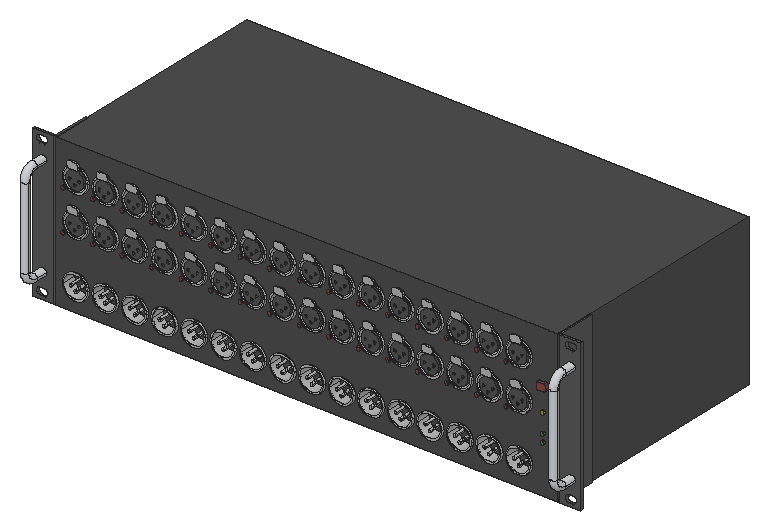
Revit family "DL32", category Communication Devices, Revit 2020
Family settings
  Maintain Annotation Orientation = No
  Round Connector Dimension = Use Diameter
  Part Type = Normal
  Work Plane-Based = Yes
  Always vertical = No
  Cut with Voids When Loaded = Yes
  Shared = No
  Room Calculation Point = No
Parameters
  Model = "DL32"
  Manufacturer = "Midas"
  Default Elevation = 0 mm
Reference planes
  plane 1 "Center (Front/Back)": y = 0
  plane 2: z = 0
  plane 3 "Center (Left/Right)": x = 0
  plane 4 "Handle": x = -232.995
  plane 5 "Front Connectors": y = -2
  plane 6 "Rear Connectors": y = 208
Forms (mm)
  Extrusion 1, solid, material "Aluminium, Black"
    sketch origin (0, 0, 0) x (1, 0, 0) y (0, 1, 0)
      loop
        arc (-223.2, -2) -> (-221.644, -1.356) -> (-221, 0.2) r 2.2
        line (-221, 0.2) -> (-221, 33) -> (-223, 33) -> (-223, 0) -> (-241.25, 0) -> (-241.25, -2) -> (-223.2, -2)
    from 0 to 132.5
  Extrusion 2, void
    sketch origin (0, 0, 0) x (1, 0, 0) y (0, 0, 1)
      loop
        arc (-231.5, 2.415) -> (-227.99, 5.925) -> (-231.5, 9.435) r 3.51
        line (-231.5, 9.435) -> (-234.49, 9.435)
        arc (-234.49, 9.435) -> (-238, 5.925) -> (-234.49, 2.415) r 3.51
        line (-234.49, 2.415) -> (-231.5, 2.415)
    from 0 to 2
  Extrusion 3, void
    sketch origin (0, 0, 120.65) x (1, 0, 0) y (0, 0, 1)
      loop
        arc (-231.5, 2.415) -> (-227.99, 5.925) -> (-231.5, 9.435) r 3.51
        line (-231.5, 9.435) -> (-234.49, 9.435)
        arc (-234.49, 9.435) -> (-238, 5.925) -> (-234.49, 2.415) r 3.51
        line (-234.49, 2.415) -> (-231.5, 2.415)
    from 0 to 2
  Sweep 4, solid
    path origin (-232.995, 0, 0) x (0, -1, 0) y (0, 0, 1)
      loop
        line (2, 21.8) -> (12.41, 21.8)
        arc (12.41, 21.8) -> (18.774, 24.436) -> (21.41, 30.8) r 9
        line (21.41, 30.8) -> (21.41, 101.7)
        arc (21.41, 101.7) -> (18.774, 108.064) -> (12.41, 110.7) r 9
        line (12.41, 110.7) -> (2, 110.7)
    profile origin (-232.995, -7.205, 21.8) x (0, 0, 1) y (-1, 0, 0)
      loop
        circle (0, 0) r 3.25
  Extrusion 5, solid, material "Aluminium, Black"
    sketch origin (0, 0, 0) x (-1, 0, 0) y (0, -1, 0)
      loop
        line (-223.2, 2) -> (-241.25, 2) -> (-241.25, 0) -> (-223, 0) -> (-223, -33) -> (-221, -33) -> (-221, -0.2)
        arc (-221, -0.2) -> (-221.644, 1.356) -> (-223.2, 2) r 2.2
    from 0 to 132.5
  Extrusion 6, void
    sketch origin (0, 0, 0) x (-1, 0, 0) y (0, 0, -1)
      loop
        line (-231.5, -2.415) -> (-234.49, -2.415)
        arc (-234.49, -2.415) -> (-238, -5.925) -> (-234.49, -9.435) r 3.51
        line (-234.49, -9.435) -> (-231.5, -9.435)
        arc (-231.5, -9.435) -> (-227.99, -5.925) -> (-231.5, -2.415) r 3.51
    from 0 to 2
  Extrusion 7, void
    sketch origin (0, 0, 120.65) x (-1, 0, 0) y (0, 0, -1)
      loop
        line (-231.5, -2.415) -> (-234.49, -2.415)
        arc (-234.49, -2.415) -> (-238, -5.925) -> (-234.49, -9.435) r 3.51
        line (-234.49, -9.435) -> (-231.5, -9.435)
        arc (-231.5, -9.435) -> (-227.99, -5.925) -> (-231.5, -2.415) r 3.51
    from 0 to 2
  Sweep 8, solid
    path origin (232.995, 0, 0) x (0, -1, 0) y (0, 0, -1)
      loop
        line (2, -21.8) -> (12.41, -21.8)
        arc (12.41, -21.8) -> (18.774, -24.436) -> (21.41, -30.8) r 9
        line (21.41, -30.8) -> (21.41, -101.7)
        arc (21.41, -101.7) -> (18.774, -108.064) -> (12.41, -110.7) r 9
        line (12.41, -110.7) -> (2, -110.7)
    profile origin (232.995, -7.205, 21.8) x (0, 0, -1) y (1, 0, 0)
      loop
        circle (0, 0) r 3.25
  Extrusion 9, solid, material "Steel, Paint Finish, Black"
    sketch origin (-0.572, 0, 0) x (1, 0, 0) y (0, 0, 1)
      loop
        line (-220.428, 132.5) -> (-220.428, 0) -> (221.572, 0) -> (221.572, 132.5) -> (-220.428, 132.5)
    from 2 to -208
  Extrusion 10, solid, material "LED, Red, Off"
    sketch origin (0, -2, 0) x (-1, 0, 0) y (0, 0, 1)
      loop
        line (-205.725, 90.473) -> (-210.832, 90.473)
        arc (-210.832, 90.473) -> (-211.822, 90.063) -> (-212.232, 89.073) r 1.4
        line (-212.232, 89.073) -> (-212.232, 85.529)
        arc (-212.232, 85.529) -> (-211.827, 84.552) -> (-210.85, 84.147) r 1.382
        line (-210.85, 84.147) -> (-205.725, 84.147)
        arc (-205.725, 84.147) -> (-204.735, 84.557) -> (-204.325, 85.547) r 1.4
        line (-204.325, 85.547) -> (-204.325, 89.073)
        arc (-204.325, 89.073) -> (-204.735, 90.063) -> (-205.725, 90.473) r 1.4
    from 0 to -2.5
  Extrusion 11, solid, material "LED, Yellow, Off"
    sketch origin (0, -2, 0) x (-1, 0, 0) y (0, 0, 1)
      loop
        circle (-208.28, 66.04) r 1.5
    from 0 to -1
  Extrusion 12, solid, material "LED, Greeen, Off"
    sketch origin (0, -2, -16.827) x (-1, 0, 0) y (0, 0, 1)
      loop
        circle (-208.28, 66.04) r 1.5
    from 0 to -1
  Extrusion 13, solid, material "LED, Greeen, Off"
    sketch origin (0, -2, -23.812) x (-1, 0, 0) y (0, 0, 1)
      loop
        circle (-208.28, 66.04) r 1.5
    from 0 to -1
  Extrusion 14, void
    sketch origin (0, -2, 0) x (-1, 0, 0) y (0, 0, 1)
      loop
        circle (203.2, 105.431) r 11.2
    from 0 to 16
  Extrusion 15, void
    sketch origin (26.035, -2, 0) x (-1, 0, 0) y (0, 0, 1)
      loop
        circle (203.2, 105.431) r 11.2
    from 0 to 16
  Extrusion 16, void
    sketch origin (52.07, -2, 0) x (-1, 0, 0) y (0, 0, 1)
      loop
        circle (203.2, 105.431) r 11.2
    from 0 to 16
  Extrusion 17, void
    sketch origin (78.105, -2, 0) x (-1, 0, 0) y (0, 0, 1)
      loop
        circle (203.2, 105.431) r 11.2
    from 0 to 16
  Extrusion 18, void
    sketch origin (104.14, -2, 0) x (-1, 0, 0) y (0, 0, 1)
      loop
        circle (203.2, 105.431) r 11.2
    from 0 to 16
  Extrusion 19, void
    sketch origin (130.175, -2, 0) x (-1, 0, 0) y (0, 0, 1)
      loop
        circle (203.2, 105.431) r 11.2
    from 0 to 16
  Extrusion 20, void
    sketch origin (156.21, -2, 0) x (-1, 0, 0) y (0, 0, 1)
      loop
        circle (203.2, 105.431) r 11.2
    from 0 to 16
  Extrusion 21, void
    sketch origin (182.245, -2, 0) x (-1, 0, 0) y (0, 0, 1)
      loop
        circle (203.2, 105.431) r 11.2
    from 0 to 16
  Extrusion 22, void
    sketch origin (208.28, -2, 0) x (-1, 0, 0) y (0, 0, 1)
      loop
        circle (203.2, 105.431) r 11.2
    from 0 to 16
  Extrusion 23, void
    sketch origin (234.315, -2, 0) x (-1, 0, 0) y (0, 0, 1)
      loop
        circle (203.2, 105.431) r 11.2
    from 0 to 16
  Extrusion 24, void
    sketch origin (260.35, -2, 0) x (-1, 0, 0) y (0, 0, 1)
      loop
        circle (203.2, 105.431) r 11.2
    from 0 to 16
  Extrusion 25, void
    sketch origin (286.385, -2, 0) x (-1, 0, 0) y (0, 0, 1)
      loop
        circle (203.2, 105.431) r 11.2
    from 0 to 16
  Extrusion 26, void
    sketch origin (312.42, -2, 0) x (-1, 0, 0) y (0, 0, 1)
      loop
        circle (203.2, 105.431) r 11.2
    from 0 to 16
  Extrusion 27, void
    sketch origin (338.455, -2, 0) x (-1, 0, 0) y (0, 0, 1)
      loop
        circle (203.2, 105.431) r 11.2
    from 0 to 16
  Extrusion 28, void
    sketch origin (364.49, -2, 0) x (-1, 0, 0) y (0, 0, 1)
      loop
        circle (203.2, 105.431) r 11.2
    from 0 to 16
  Extrusion 29, void
    sketch origin (390.525, -2, 0) x (-1, 0, 0) y (0, 0, 1)
      loop
        circle (203.2, 105.431) r 11.2
    from 0 to 16
  Extrusion 30, void
    sketch origin (0, -2, -35.56) x (-1, 0, 0) y (0, 0, 1)
      loop
        circle (203.2, 105.431) r 11.2
    from 0 to 16
  Extrusion 31, void
    sketch origin (0, -2, -84.455) x (-1, 0, 0) y (0, 0, 1)
      loop
        circle (203.2, 105.431) r 11.2
    from 0 to 16
  Extrusion 32, void
    sketch origin (26.035, -2, -35.56) x (-1, 0, 0) y (0, 0, 1)
      loop
        circle (203.2, 105.431) r 11.2
    from 0 to 16
  Extrusion 33, void
    sketch origin (52.07, -2, -35.56) x (-1, 0, 0) y (0, 0, 1)
      loop
        circle (203.2, 105.431) r 11.2
    from 0 to 16
  Extrusion 34, void
    sketch origin (78.105, -2, -35.56) x (-1, 0, 0) y (0, 0, 1)
      loop
        circle (203.2, 105.431) r 11.2
    from 0 to 16
  Extrusion 35, void
    sketch origin (104.14, -2, -35.56) x (-1, 0, 0) y (0, 0, 1)
      loop
        circle (203.2, 105.431) r 11.2
    from 0 to 16
  Extrusion 36, void
    sketch origin (130.175, -2, -35.56) x (-1, 0, 0) y (0, 0, 1)
      loop
        circle (203.2, 105.431) r 11.2
    from 0 to 16
  Extrusion 37, void
    sketch origin (156.21, -2, -35.56) x (-1, 0, 0) y (0, 0, 1)
      loop
        circle (203.2, 105.431) r 11.2
    from 0 to 16
  Extrusion 38, void
    sketch origin (182.245, -2, -35.56) x (-1, 0, 0) y (0, 0, 1)
      loop
        circle (203.2, 105.431) r 11.2
    from 0 to 16
  Extrusion 39, void
    sketch origin (208.28, -2, -35.56) x (-1, 0, 0) y (0, 0, 1)
      loop
        circle (203.2, 105.431) r 11.2
    from 0 to 16
  Extrusion 40, void
    sketch origin (234.315, -2, -35.56) x (-1, 0, 0) y (0, 0, 1)
      loop
        circle (203.2, 105.431) r 11.2
    from 0 to 16
  Extrusion 41, void
    sketch origin (260.35, -2, -35.56) x (-1, 0, 0) y (0, 0, 1)
      loop
        circle (203.2, 105.431) r 11.2
    from 0 to 16
  Extrusion 42, void
    sketch origin (286.385, -2, -35.56) x (-1, 0, 0) y (0, 0, 1)
      loop
        circle (203.2, 105.431) r 11.2
    from 0 to 16
  Extrusion 43, void
    sketch origin (312.42, -2, -35.56) x (-1, 0, 0) y (0, 0, 1)
      loop
        circle (203.2, 105.431) r 11.2
    from 0 to 16
  Extrusion 44, void
    sketch origin (338.455, -2, -35.56) x (-1, 0, 0) y (0, 0, 1)
      loop
        circle (203.2, 105.431) r 11.2
    from 0 to 16
  Extrusion 45, void
    sketch origin (364.49, -2, -35.56) x (-1, 0, 0) y (0, 0, 1)
      loop
        circle (203.2, 105.431) r 11.2
    from 0 to 16
  Extrusion 46, void
    sketch origin (390.525, -2, -35.56) x (-1, 0, 0) y (0, 0, 1)
      loop
        circle (203.2, 105.431) r 11.2
    from 0 to 16
  Extrusion 47, void
    sketch origin (26.035, -2, -84.455) x (-1, 0, 0) y (0, 0, 1)
      loop
        circle (203.2, 105.431) r 11.2
    from 0 to 16
  Extrusion 48, void
    sketch origin (52.07, -2, -84.455) x (-1, 0, 0) y (0, 0, 1)
      loop
        circle (203.2, 105.431) r 11.2
    from 0 to 16
  Extrusion 49, void
    sketch origin (78.105, -2, -84.455) x (-1, 0, 0) y (0, 0, 1)
      loop
        circle (203.2, 105.431) r 11.2
    from 0 to 16
  Extrusion 50, void
    sketch origin (104.14, -2, -84.455) x (-1, 0, 0) y (0, 0, 1)
      loop
        circle (203.2, 105.431) r 11.2
    from 0 to 16
  Extrusion 51, void
    sketch origin (130.175, -2, -84.455) x (-1, 0, 0) y (0, 0, 1)
      loop
        circle (203.2, 105.431) r 11.2
    from 0 to 16
  Extrusion 52, void
    sketch origin (156.21, -2, -84.455) x (-1, 0, 0) y (0, 0, 1)
      loop
        circle (203.2, 105.431) r 11.2
    from 0 to 16
  Extrusion 53, void
    sketch origin (182.245, -2, -84.455) x (-1, 0, 0) y (0, 0, 1)
      loop
        circle (203.2, 105.431) r 11.2
    from 0 to 16
  Extrusion 54, void
    sketch origin (208.28, -2, -84.455) x (-1, 0, 0) y (0, 0, 1)
      loop
        circle (203.2, 105.431) r 11.2
    from 0 to 16
  Extrusion 55, void
    sketch origin (234.315, -2, -84.455) x (-1, 0, 0) y (0, 0, 1)
      loop
        circle (203.2, 105.431) r 11.2
    from 0 to 16
  Extrusion 56, void
    sketch origin (260.35, -2, -84.455) x (-1, 0, 0) y (0, 0, 1)
      loop
        circle (203.2, 105.431) r 11.2
    from 0 to 16
  Extrusion 57, void
    sketch origin (286.385, -2, -84.455) x (-1, 0, 0) y (0, 0, 1)
      loop
        circle (203.2, 105.431) r 11.2
    from 0 to 16
  Extrusion 58, void
    sketch origin (312.42, -2, -84.455) x (-1, 0, 0) y (0, 0, 1)
      loop
        circle (203.2, 105.431) r 11.2
    from 0 to 16
  Extrusion 59, void
    sketch origin (338.455, -2, -84.455) x (-1, 0, 0) y (0, 0, 1)
      loop
        circle (203.2, 105.431) r 11.2
    from 0 to 16
  Extrusion 60, void
    sketch origin (364.49, -2, -84.455) x (-1, 0, 0) y (0, 0, 1)
      loop
        circle (203.2, 105.431) r 11.2
    from 0 to 16
  Extrusion 61, void
    sketch origin (390.525, -2, -84.455) x (-1, 0, 0) y (0, 0, 1)
      loop
        circle (203.2, 105.431) r 11.2
    from 0 to 16
  Extrusion 62, void
    sketch origin (0, 208, 0) x (1, 0, 0) y (0, 0, 1)
      loop
        line (200.78, 50.05) -> (177.78, 50.05)
        arc (177.78, 50.05) -> (176.012, 49.318) -> (175.28, 47.55) r 2.5
        line (175.28, 47.55) -> (175.28, 13.55)
        arc (175.28, 13.55) -> (176.012, 11.782) -> (177.78, 11.05) r 2.5
        line (177.78, 11.05) -> (200.807, 11.05)
        arc (200.807, 11.05) -> (202.556, 11.774) -> (203.28, 13.523) r 2.473
        line (203.28, 13.523) -> (203.28, 47.55)
        arc (203.28, 47.55) -> (202.548, 49.318) -> (200.78, 50.05) r 2.5
    from 0 to 20
  Extrusion 63, void
    sketch origin (0, 208, 0) x (1, 0, 0) y (0, 0, 1)
      loop
        circle (38.1, 25.4) r 11.2
    from 0 to 16
  Extrusion 64, void
    sketch origin (-32.385, 208, 0) x (1, 0, 0) y (0, 0, 1)
      loop
        circle (38.1, 25.4) r 11.2
    from 0 to 16
  Extrusion 65, void
    sketch origin (-66.04, 208, 0) x (1, 0, 0) y (0, 0, 1)
      loop
        circle (38.1, 25.4) r 11.2
    from 0 to 16
  Extrusion 66, void
    sketch origin (-140.335, 208, 0) x (1, 0, 0) y (0, 0, 1)
      loop
        circle (38.1, 25.4) r 11.2
    from 0 to 16
  Extrusion 67, void
    sketch origin (-168.275, 208, 0) x (1, 0, 0) y (0, 0, 1)
      loop
        circle (38.1, 25.4) r 11.2
    from 0 to 16
Cuts and joins
  Extrusion 2, Extrusion 3, Extrusion 6, Extrusion 7 cuts Extrusion 1
  Extrusion 6, Extrusion 7 cuts Extrusion 5
  Extrusion 14, Extrusion 15, Extrusion 16, Extrusion 17, Extrusion 18, Extrusion 19, Extrusion 20, Extrusion 21, Extrusion 22, Extrusion 23, Extrusion 24, Extrusion 25, Extrusion 26, Extrusion 27, Extrusion 28, Extrusion 29, Extrusion 30, Extrusion 31, Extrusion 32, Extrusion 33, Extrusion 34, Extrusion 35, Extrusion 36, Extrusion 37, Extrusion 38, Extrusion 39, Extrusion 40, Extrusion 41, Extrusion 42, Extrusion 43, Extrusion 44, Extrusion 45, Extrusion 46, Extrusion 47, Extrusion 48, Extrusion 49, Extrusion 50, Extrusion 51, Extrusion 52, Extrusion 53, Extrusion 54, Extrusion 55, Extrusion 56, Extrusion 57, Extrusion 58, Extrusion 59, Extrusion 60, Extrusion 61, Extrusion 62, Extrusion 63, Extrusion 64, Extrusion 65, Extrusion 66, Extrusion 67 cuts Extrusion 9
Lines and regions (mm)
  Split face 1
    outline origin (-221.572, 208, 132.5) x (1, 0, 0) y (0, 0, -1)
      loop
        line (170.592, 117.852) -> (160.792, 117.852) -> (160.792, 109.252) -> (170.592, 109.252) -> (170.592, 117.852)
  Split face 2
    outline origin (-221.572, 208, 132.5) x (1, 0, 0) y (0, 0, -1)
      loop
        line (152.812, 117.852) -> (143.012, 117.852) -> (143.012, 109.252) -> (152.812, 109.252) -> (152.812, 117.852)
  Split face 3
    outline origin (-221.572, 208, 132.5) x (1, 0, 0) y (0, 0, -1)
      loop
        line (162.213, 115.69) -> (162.213, 110.425) -> (169.172, 110.425) -> (169.172, 115.69) -> (167.872, 116.99) -> (163.514, 116.99) -> (162.213, 115.69)
  Split face 4
    outline origin (-221.572, 208, 132.5) x (1, 0, 0) y (0, 0, -1)
      loop
        line (144.433, 115.69) -> (144.433, 110.425) -> (151.392, 110.425) -> (151.392, 115.69) -> (150.092, 116.99) -> (145.734, 116.99) -> (144.433, 115.69)
  Split face 5
    outline origin (-221.572, 208, 132.5) x (1, 0, 0) y (0, 0, -1)
      loop
        circle (59.647, 109.2) r 8.75
  Split face 6
    outline origin (-221.572, 208, 132.5) x (1, 0, 0) y (0, 0, -1)
      loop
        circle (34.247, 109.2) r 8.75
  Split face 7
    outline origin (-221.572, 208, 132.5) x (1, 0, 0) y (0, 0, -1)
      loop
        arc (60.997, 103.508) -> (59.647, 115.05) -> (58.297, 103.508) r 5.85
        line (58.297, 103.508) -> (58.297, 105.2) -> (60.997, 105.2) -> (60.997, 103.508)
  Split face 8
    outline origin (-221.572, 208, 132.5) x (1, 0, 0) y (0, 0, -1)
      loop
        arc (35.597, 103.508) -> (34.247, 115.05) -> (32.897, 103.508) r 5.85
        line (32.897, 103.508) -> (32.897, 105.2) -> (35.597, 105.2) -> (35.597, 103.508)
  Split face 9
    outline origin (-221.572, 208, 132.5) x (1, 0, 0) y (0, 0, -1)
      loop
        circle (95.842, 48.68) r 29.018
  model lines
    curve 1: line (205.759, -2, 91.44) -> (210.796, -2, 91.44)
    curve 2: line (203.359, -2, 85.585) -> (203.359, -2, 89.04)
    curve 3: line (210.801, -2, 83.185) -> (205.759, -2, 83.185)
    curve 4: line (213.201, -2, 89.035) -> (213.201, -2, 85.585)
    curve 5: arc (210.796, -2, 91.44) -> (212.497, -2, 90.736) -> (213.201, -2, 89.035) r 2.405
    curve 6: arc (213.201, -2, 85.585) -> (212.498, -2, 83.888) -> (210.801, -2, 83.185) r 2.4
    curve 7: arc (205.759, -2, 83.185) -> (204.062, -2, 83.888) -> (203.359, -2, 85.585) r 2.4
    curve 8: arc (203.359, -2, 89.04) -> (204.062, -2, 90.737) -> (205.759, -2, 91.44) r 2.4
Dimensions and locks
  equal spacing: group 32, group 33, group 34, group 35, group 36, group 37, group 38, group 39, group 40, group 41, group 42, group 43, group 44, group 45, group 46, group 47  (x3)
  equal spacing: group 48, group 49, group 50, group 51, group 52, group 53, group 54, group 55, group 56, group 57, group 58, group 59, group 60, group 61, group 62, group 63  (x3)
  equal spacing: group 64, group 66, group 67, group 68, group 69, group 70, group 71, group 72, group 73, group 74, group 75, group 76, group 77, group 78, group 79, group 80  (x3)
  equal spacing: group 65, group 81, group 82, group 83, group 84, group 85, group 86, group 87, group 88, group 89, group 90, group 91, group 92, group 93, group 94, group 95  (x3)
  aligned and locked: level to plane 2
Nested families
  nested 1: "XLR-F with LED" at (-203.2, -2, 105.41) x (1, 0, 0) z (0, -1, 0), type "XLR-F with LED"
  nested 2: "XLR-F with LED" at (-177.165, -2, 105.41) x (1, 0, 0) z (0, -1, 0), type "XLR-F with LED"
  nested 3: "XLR-F with LED" at (-151.13, -2, 105.41) x (1, 0, 0) z (0, -1, 0), type "XLR-F with LED"
  nested 4: "XLR-F with LED" at (-125.095, -2, 105.41) x (1, 0, 0) z (0, -1, 0), type "XLR-F with LED"
  nested 5: "XLR-F with LED" at (-99.06, -2, 105.41) x (1, 0, 0) z (0, -1, 0), type "XLR-F with LED"
  nested 6: "XLR-F with LED" at (-73.025, -2, 105.41) x (1, 0, 0) z (0, -1, 0), type "XLR-F with LED"
  nested 7: "XLR-F with LED" at (-46.99, -2, 105.41) x (1, 0, 0) z (0, -1, 0), type "XLR-F with LED"
  nested 8: "XLR-F with LED" at (-20.955, -2, 105.41) x (1, 0, 0) z (0, -1, 0), type "XLR-F with LED"
  nested 9: "XLR-F with LED" at (5.08, -2, 105.41) x (1, 0, 0) z (0, -1, 0), type "XLR-F with LED"
  nested 10: "XLR-F with LED" at (31.115, -2, 105.41) x (1, 0, 0) z (0, -1, 0), type "XLR-F with LED"
  nested 11: "XLR-F with LED" at (57.15, -2, 105.41) x (1, 0, 0) z (0, -1, 0), type "XLR-F with LED"
  nested 12: "XLR-F with LED" at (83.185, -2, 105.41) x (1, 0, 0) z (0, -1, 0), type "XLR-F with LED"
  nested 13: "XLR-F with LED" at (109.22, -2, 105.41) x (1, 0, 0) z (0, -1, 0), type "XLR-F with LED"
  nested 14: "XLR-F with LED" at (135.255, -2, 105.41) x (1, 0, 0) z (0, -1, 0), type "XLR-F with LED"
  nested 15: "XLR-F with LED" at (161.29, -2, 105.41) x (1, 0, 0) z (0, -1, 0), type "XLR-F with LED"
  nested 16: "XLR-F with LED" at (187.325, -2, 105.41) x (1, 0, 0) z (0, -1, 0), type "XLR-F with LED"
  nested 17: "XLR-F with LED" at (-203.2, -2, 69.85) x (1, 0, 0) z (0, -1, 0), type "XLR-F with LED"
  nested 18: "XLR-F with LED" at (-177.165, -2, 69.85) x (1, 0, 0) z (0, -1, 0), type "XLR-F with LED"
  nested 19: "XLR-F with LED" at (-151.13, -2, 69.85) x (1, 0, 0) z (0, -1, 0), type "XLR-F with LED"
  nested 20: "XLR-F with LED" at (-125.095, -2, 69.85) x (1, 0, 0) z (0, -1, 0), type "XLR-F with LED"
  nested 21: "XLR-F with LED" at (-99.06, -2, 69.85) x (1, 0, 0) z (0, -1, 0), type "XLR-F with LED"
  nested 22: "XLR-F with LED" at (-73.025, -2, 69.85) x (1, 0, 0) z (0, -1, 0), type "XLR-F with LED"
  nested 23: "XLR-F with LED" at (-46.99, -2, 69.85) x (1, 0, 0) z (0, -1, 0), type "XLR-F with LED"
  nested 24: "XLR-F with LED" at (-20.955, -2, 69.85) x (1, 0, 0) z (0, -1, 0), type "XLR-F with LED"
  nested 25: "XLR-F with LED" at (5.08, -2, 69.85) x (1, 0, 0) z (0, -1, 0), type "XLR-F with LED"
  nested 26: "XLR-F with LED" at (31.115, -2, 69.85) x (1, 0, 0) z (0, -1, 0), type "XLR-F with LED"
  nested 27: "XLR-F with LED" at (57.15, -2, 69.85) x (1, 0, 0) z (0, -1, 0), type "XLR-F with LED"
  nested 28: "XLR-F with LED" at (83.185, -2, 69.85) x (1, 0, 0) z (0, -1, 0), type "XLR-F with LED"
  nested 29: "XLR-F with LED" at (109.22, -2, 69.85) x (1, 0, 0) z (0, -1, 0), type "XLR-F with LED"
  nested 30: "XLR-F with LED" at (135.255, -2, 69.85) x (1, 0, 0) z (0, -1, 0), type "XLR-F with LED"
  nested 31: "XLR-F with LED" at (161.29, -2, 69.85) x (1, 0, 0) z (0, -1, 0), type "XLR-F with LED"
  nested 32: "XLR-F with LED" at (187.325, -2, 69.85) x (1, 0, 0) z (0, -1, 0), type "XLR-F with LED"
  nested 33: "XLR-M" at (-203.2, -2, 20.955) x (1, 0, 0) z (0, -1, 0), type "XLR-M"
  nested 34: "XLR-M" at (-177.165, -2, 20.955) x (1, 0, 0) z (0, -1, 0), type "XLR-M"
  nested 35: "XLR-M" at (-151.13, -2, 20.955) x (1, 0, 0) z (0, -1, 0), type "XLR-M"
  nested 36: "XLR-M" at (-125.095, -2, 20.955) x (1, 0, 0) z (0, -1, 0), type "XLR-M"
  nested 37: "XLR-M" at (-99.06, -2, 20.955) x (1, 0, 0) z (0, -1, 0), type "XLR-M"
  nested 38: "XLR-M" at (-73.025, -2, 20.955) x (1, 0, 0) z (0, -1, 0), type "XLR-M"
  nested 39: "XLR-M" at (-46.99, -2, 20.955) x (1, 0, 0) z (0, -1, 0), type "XLR-M"
  nested 40: "XLR-M" at (-20.955, -2, 20.955) x (1, 0, 0) z (0, -1, 0), type "XLR-M"
  nested 41: "XLR-M" at (5.08, -2, 20.955) x (1, 0, 0) z (0, -1, 0), type "XLR-M"
  nested 42: "XLR-M" at (31.115, -2, 20.955) x (1, 0, 0) z (0, -1, 0), type "XLR-M"
  nested 43: "XLR-M" at (57.15, -2, 20.955) x (1, 0, 0) z (0, -1, 0), type "XLR-M"
  nested 44: "XLR-M" at (83.185, -2, 20.955) x (1, 0, 0) z (0, -1, 0), type "XLR-M"
  nested 45: "XLR-M" at (109.22, -2, 20.955) x (1, 0, 0) z (0, -1, 0), type "XLR-M"
  nested 46: "XLR-M" at (135.255, -2, 20.955) x (1, 0, 0) z (0, -1, 0), type "XLR-M"
  nested 47: "XLR-M" at (161.29, -2, 20.955) x (1, 0, 0) z (0, -1, 0), type "XLR-M"
  nested 48: "XLR-M" at (187.325, -2, 20.955) x (1, 0, 0) z (0, -1, 0), type "XLR-M"
  nested 49: "IEC with switch" at (189.28, 208, 21.85) x (-1, 0, 0) z (0, 1, 0), type "IEC with switch"
  nested 50: "NE8FD Ethercon" at (38.1, 208, 25.4) x (-1, 0, 0) z (0, 1, 0), type "NE8FD Ethercon"
  nested 51: "NE8FD Ethercon" at (5.715, 208, 25.4) x (-1, 0, 0) z (0, 1, 0), type "NE8FD Ethercon"
  nested 52: "NE8FD Ethercon" at (-27.94, 208, 25.4) x (-1, 0, 0) z (0, 1, 0), type "NE8FD Ethercon"
  nested 53: "XLR-M" at (-102.235, 208, 25.379) x (-1, 0, 0) z (0, 1, 0), type "XLR-M"
  nested 54: "XLR-M" at (-130.175, 208, 25.379) x (-1, 0, 0) z (0, 1, 0), type "XLR-M"
  nested 55: "USB-B chassis mount" at (66.04, 208, 18.225) x (1, 0, 0) z (0, 1, 0), type "USB-B chassis mount"
Definition of nested family "XLR-F with LED"
  Parameters
    Default Elevation = 1219.2 mm
  Reference planes
    plane 1 "Center (Front/Back)": y = 0
    plane 2: z = 0
    plane 3 "Center (Left/Right)": x = 0
  Forms (mm)
    Extrusion 1, solid
      sketch origin (-12.612, 0, 0) x (1, 0, 0) y (0, 1, 0)
        loop
          circle (12.613, 0.021) r 11.058
      from -16 to 1.5
    Extrusion 2, void
      sketch origin (-12.612, 0, 0) x (1, 0, 0) y (0, 1, 0)
        loop
          circle (12.612, 0.021) r 9.9
      from -12 to 1.5
    Extrusion 3, solid
      sketch origin (-12.612, 0, 0) x (1, 0, 0) y (0, 1, 0)
        loop
          line (9.613, 9.921) -> (15.612, 9.921)
          arc (15.612, 9.921) -> (17.027, 10.507) -> (17.612, 11.921) r 2
          line (17.612, 11.921) -> (17.612, 13.337)
          arc (17.612, 13.337) -> (17.271, 14.455) -> (16.362, 15.191) r 2
          arc (16.362, 15.191) -> (12.612, 15.921) -> (8.862, 15.191) r 10
          arc (8.862, 15.191) -> (7.954, 14.455) -> (7.612, 13.337) r 2
          line (7.612, 13.337) -> (7.612, 11.921)
          arc (7.612, 11.921) -> (8.198, 10.507) -> (9.613, 9.921) r 2
      from 3.3 to 4.2
    Extrusion 4, solid
      sketch origin (-12.612, 0, 0) x (1, 0, 0) y (0, 1, 0)
        loop
          line (11.106, 9.921) -> (14.119, 9.921) -> (14.119, 10.975)
          arc (14.119, 10.975) -> (12.613, 11.079) -> (11.106, 10.975) r 11.058
          line (11.106, 10.975) -> (11.106, 9.921)
      from 3.3 to 1.5
    Extrusion 5, solid
      sketch origin (-12.612, 0, 0) x (1, 0, 0) y (0, 1, 0)
        loop
          circle (1.5, -10.139) r 1.5
      from 0 to 1
    Extrusion 6, void
      sketch origin (-12.612, 0, 0) x (1, 0, 0) y (0, 1, 0)
        loop
          circle (8.562, 0.021) r 1.325
      from -12 to 1.5
    Extrusion 7, void
      sketch origin (-12.612, 0, 0) x (1, 0, 0) y (0, 1, 0)
        loop
          circle (16.663, 0.021) r 1.325
      from -12 to 1.5
    Extrusion 8, void
      sketch origin (-12.612, 0, 0) x (1, 0, 0) y (0, 1, 0)
        loop
          circle (12.612, -3.939) r 1.325
      from -12 to 1.5
    Extrusion 9, solid
      sketch origin (-12.612, 0, 0) x (1, 0, 0) y (0, 1, 0)
        loop
          circle (12.612, 0) r 8
      from -12 to 1.5
    Extrusion 10, void
      sketch origin (-12.612, 0, 0) x (1, 0, 0) y (0, 1, 0)
        loop
          circle (12.613, 0) r 11.1
      from 0 to -16
  Cuts and joins
    Extrusion 2, Extrusion 6, Extrusion 7, Extrusion 8 cuts Extrusion 1
    Extrusion 2 cuts Extrusion 4
    Extrusion 6, Extrusion 7, Extrusion 8 cuts Extrusion 9
  Dimensions and locks
    aligned and locked: level to plane 2
Definition of nested family "XLR-M"
  Parameters
    Default Elevation = 1219.2 mm
  Reference planes
    plane 1 "Center (Front/Back)": y = 0
    plane 2: z = 0
    plane 3 "Center (Left/Right)": x = 0
  Forms (mm)
    Extrusion 1, solid
      sketch origin (-12.612, 0, 0) x (1, 0, 0) y (0, 1, 0)
        loop
          circle (12.613, 0.021) r 11.058
      from -16 to 1.5
    Extrusion 2, void
      sketch origin (-12.612, 0, 0) x (1, 0, 0) y (0, 1, 0)
        loop
          circle (12.612, 0.021) r 9.9
      from -10 to 1.5
    Extrusion 3, solid
      sketch origin (0, 0, 0) x (1, 0, 0) y (0, 1, 0)
        loop
          circle (-4.05, 0.021) r 1.1
      from -10 to 1
    Extrusion 4, solid
      sketch origin (8.1, 0, 0) x (1, 0, 0) y (0, 1, 0)
        loop
          circle (-4.05, 0.021) r 1.1
      from -10 to 1
    Extrusion 5, solid
      sketch origin (4.05, -3.96, 0) x (1, 0, 0) y (0, 1, 0)
        loop
          circle (-4.05, 0.021) r 1.1
      from -10 to 1
    Extrusion 6, void
      sketch origin (-32.913, 0, 0) x (1, 0, 0) y (0, 1, 0)
        loop
          circle (32.913, 0) r 11.2
      from 0 to -16
  Cuts and joins
    Extrusion 2 cuts Extrusion 1
  Lines and regions (mm)
    Split face 1
      outline origin (9.9, 0.021, -10) x (-1, 0, 0) y (0, -1, 0)
        loop
          circle (9.9, 0.021) r 8
  Dimensions and locks
    aligned and locked: level to plane 2
Definition of nested family "IEC with switch"
  Parameters (values of type "IEC with switch")
    Default Elevation = 1219.2 mm
  Reference planes
    plane 1 "Center (Front/Back)": y = 0
    plane 2: z = 0
    plane 3 "Center (Left/Right)": x = 0
  Forms (mm)
    Extrusion 1, void
      sketch origin (0, 0, 0) x (1, 0, 0) y (0, 1, 0)
        loop
          arc (12, 5.5) -> (11.268, 7.268) -> (9.5, 8) r 2.5
          line (9.5, 8) -> (-9.5, 8)
          arc (-9.5, 8) -> (-11.268, 7.268) -> (-12, 5.5) r 2.5
          line (-12, 5.5) -> (-12, -3) -> (-7, -8) -> (7, -8) -> (12, -3) -> (12, 5.5)
      from 2 to -15
    Extrusion 2, solid
      sketch origin (0, 0, 0) x (1, 0, 0) y (0, 1, 0)
        loop
          arc (-11.5, 29.2) -> (-13.975, 28.175) -> (-15, 25.7) r 3.5
          line (-15, 25.7) -> (-15, -8.3)
          arc (-15, -8.3) -> (-13.975, -10.775) -> (-11.5, -11.8) r 3.5
          line (-11.5, -11.8) -> (11.5, -11.8)
          arc (11.5, -11.8) -> (13.975, -10.775) -> (15, -8.3) r 3.5
          line (15, -8.3) -> (15, 25.7)
          arc (15, 25.7) -> (13.975, 28.175) -> (11.5, 29.2) r 3.5
          line (11.5, 29.2) -> (-11.5, 29.2)
      from 2 to 0
    Extrusion 3, solid
      sketch origin (0, 0, 0) x (1, 0, 0) y (0, 1, 0)
        loop
          line (-8, 3.6) -> (-8, -0.4) -> (-6, -0.4) -> (-6, 3.6) -> (-8, 3.6)
      from 1 to -15
    Extrusion 4, solid
      sketch origin (7, -4, 0) x (1, 0, 0) y (0, 1, 0)
        loop
          line (-8, 3.6) -> (-8, -0.4) -> (-6, -0.4) -> (-6, 3.6) -> (-8, 3.6)
      from 1 to -15
    Extrusion 5, solid
      sketch origin (14, 0, 0) x (1, 0, 0) y (0, 1, 0)
        loop
          line (-8, 3.6) -> (-8, -0.4) -> (-6, -0.4) -> (-6, 3.6) -> (-8, 3.6)
      from 1 to -15
    Extrusion 6, void
      sketch origin (0, 0, 0) x (1, 0, 0) y (0, 1, 0)
        loop
          arc (-11.5, 28.2) -> (-13.268, 27.468) -> (-14, 25.7) r 2.5
          line (-14, 25.7) -> (-14, -8.3)
          arc (-14, -8.3) -> (-13.268, -10.068) -> (-11.5, -10.8) r 2.5
          line (-11.5, -10.8) -> (11.5, -10.8)
          arc (11.5, -10.8) -> (13.268, -10.068) -> (14, -8.3) r 2.5
          line (14, -8.3) -> (14, 25.7)
          arc (14, 25.7) -> (13.268, 27.468) -> (11.5, 28.2) r 2.5
          line (11.5, 28.2) -> (-11.5, 28.2)
      from 0 to -20
    Extrusion 7, solid
      sketch origin (0, 0, 0) x (1, 0, 0) y (0, 1, 0)
        loop
          arc (-11.5, 28.2) -> (-13.268, 27.468) -> (-14, 25.7) r 2.5
          line (-14, 25.7) -> (-14, -8.3)
          arc (-14, -8.3) -> (-13.268, -10.068) -> (-11.5, -10.8) r 2.5
          line (-11.5, -10.8) -> (11.5, -10.8)
          arc (11.5, -10.8) -> (13.268, -10.068) -> (14, -8.3) r 2.5
          line (14, -8.3) -> (14, 25.7)
          arc (14, 25.7) -> (13.268, 27.468) -> (11.5, 28.2) r 2.5
          line (11.5, 28.2) -> (-11.5, 28.2)
      from 0 to -20
  Cuts and joins
    Extrusion 1, Extrusion 6 cuts Extrusion 2
    Extrusion 1 cuts Extrusion 7
  Lines and regions (mm)
    Split face 1
      outline origin (-11.5, 29.2, 2) x (-1, 0, 0) y (0, -1, 0)
        loop
          line (-18.75, 16.3) -> (-18.75, 6.3) -> (-4.25, 6.3) -> (-4.25, 16.3) -> (-18.75, 16.3)
    model lines
      curve 1: line (-9.75, 25.4, 2) -> (9.75, 25.4, 2)
      curve 2: arc (9.75, 25.4, 2) -> (10.457, 25.107, 2) -> (10.75, 24.4, 2) r 1
      curve 3: line (10.75, 24.4, 2) -> (10.75, 11.4, 2)
      curve 4: arc (10.75, 11.4, 2) -> (10.457, 10.693, 2) -> (9.75, 10.4, 2) r 1
      curve 5: line (9.75, 10.4, 2) -> (-9.75, 10.4, 2)
      curve 6: arc (-9.75, 10.4, 2) -> (-10.457, 10.693, 2) -> (-10.75, 11.4, 2) r 1
      curve 7: line (-10.75, 11.4, 2) -> (-10.75, 24.4, 2)
      curve 8: arc (-10.75, 24.4, 2) -> (-10.457, 25.107, 2) -> (-9.75, 25.4, 2) r 1
      curve 9: line (-7.25, 22.9, 2) -> (7.25, 22.9, 2)
      curve 10: line (-7.25, 12.9, 2) -> (-7.25, 22.9, 2)
      curve 11: line (7.25, 12.9, 2) -> (-7.25, 12.9, 2)
      curve 12: line (7.25, 22.9, 2) -> (7.25, 12.9, 2)
      curve 13: line (-3.781, 22.9, 2) -> (-3.781, 12.9, 2)
  Dimensions and locks
    aligned and locked: level to plane 2
Definition of nested family "NE8FD Ethercon"
  Parameters
    Default Elevation = 1219.2 mm
  Reference planes
    plane 1 "Center (Front/Back)": y = 0
    plane 2: z = 0
    plane 3 "Center (Left/Right)": x = 0
  Forms (mm)
    Extrusion 1, solid
      sketch origin (-12.612, 0, 0) x (1, 0, 0) y (0, 1, 0)
        loop
          circle (12.613, 0.021) r 11.058
      from -16 to 1.5
    Extrusion 2, void
      sketch origin (-12.612, 0, 0) x (1, 0, 0) y (0, 1, 0)
        loop
          circle (12.612, 0.021) r 9.9
      from -12 to 1.5
    Extrusion 3, solid
      sketch origin (-12.612, 0, 0) x (1, 0, 0) y (0, 1, 0)
        loop
          line (9.613, 9.921) -> (15.612, 9.921)
          arc (15.612, 9.921) -> (17.027, 10.507) -> (17.612, 11.921) r 2
          line (17.612, 11.921) -> (17.612, 13.337)
          arc (17.612, 13.337) -> (17.271, 14.455) -> (16.362, 15.191) r 2
          arc (16.362, 15.191) -> (12.612, 15.921) -> (8.862, 15.191) r 10
          arc (8.862, 15.191) -> (7.954, 14.455) -> (7.612, 13.337) r 2
          line (7.612, 13.337) -> (7.612, 11.921)
          arc (7.612, 11.921) -> (8.198, 10.507) -> (9.613, 9.921) r 2
      from 3.3 to 4.2
    Extrusion 4, solid
      sketch origin (-12.612, 0, 0) x (1, 0, 0) y (0, 1, 0)
        loop
          line (11.106, 9.921) -> (14.119, 9.921) -> (14.119, 10.975)
          arc (14.119, 10.975) -> (12.613, 11.079) -> (11.106, 10.975) r 11.058
          line (11.106, 10.975) -> (11.106, 9.921)
      from 3.3 to 1.5
    Extrusion 5, void
      sketch origin (-12.612, 0, 0) x (1, 0, 0) y (0, 1, 0)
        loop
          line (6.713, 3.65) -> (6.713, -3.15) -> (9.313, -3.15) -> (9.313, -5.15) -> (10.763, -5.15) -> (10.763, -6.45) -> (14.463, -6.45) -> (14.463, -5.15) -> (15.913, -5.15) -> (15.913, -3.15) -> (18.513, -3.15) -> (18.513, 3.65) -> (6.713, 3.65)
      from -10 to 1.5
    Extrusion 6, solid
      sketch origin (-12.612, 0, 0) x (1, 0, 0) y (0, 1, 0)
        loop
          circle (12.612, 0) r 8
      from -12 to 1.5
    Extrusion 7, void
      sketch origin (-12.612, 0, 0) x (1, 0, 0) y (0, 1, 0)
        loop
          circle (12.613, 0) r 11.1
      from 0 to -16
  Cuts and joins
    Extrusion 2, Extrusion 5 cuts Extrusion 1
    Extrusion 2 cuts Extrusion 4
    Extrusion 5 cuts Extrusion 6
  Dimensions and locks
    aligned and locked: level to plane 2
Definition of nested family "USB-B chassis mount"
  Parameters
    Default Elevation = 1219.2 mm
  Reference planes
    plane 1 "Center (Front/Back)": y = 0
    plane 2: z = 0
    plane 3 "Center (Left/Right)": x = 0
  Forms (mm)
    Extrusion 1, void
      sketch origin (-12.612, 0, 0) x (1, 0, 0) y (0, 1, 0)
        loop
          line (9.363, 3.85) -> (8.363, 2.85) -> (8.363, -2.85)
          arc (8.363, -2.85) -> (8.655, -3.557) -> (9.363, -3.85) r 1
          line (9.363, -3.85) -> (15.862, -3.85)
          arc (15.862, -3.85) -> (16.57, -3.557) -> (16.862, -2.85) r 1
          line (16.862, -2.85) -> (16.862, 2.85) -> (15.862, 3.85) -> (9.363, 3.85)
      from -5 to 1.5
    Extrusion 2, solid
      sketch origin (0, 0, 0) x (1, 0, 0) y (0, 1, 0)
        loop
          line (-6.15, 5.499) -> (-6.15, -5.501) -> (6.15, -5.501) -> (6.15, 5.499) -> (-6.15, 5.499)
      from -15 to 1.5
    Extrusion 3, void
      sketch origin (0, 0, 0) x (1, 0, 0) y (0, 1, 0)
        loop
          line (-6.15, 5.499) -> (-6.15, -5.501) -> (6.15, -5.501) -> (6.15, 5.499) -> (-6.15, 5.499)
      from -15 to 0
    Extrusion 4, solid
      sketch origin (0, 0, 0) x (1, 0, 0) y (0, 1, 0)
        loop
          line (-3.05, -1.85) -> (3.05, -1.85) -> (3.05, 1.85) -> (-3.05, 1.85) -> (-3.05, -1.85)
      from -5 to 1
  Cuts and joins
    Extrusion 1 cuts Extrusion 2
  Dimensions and locks
    aligned and locked: level to plane 2
